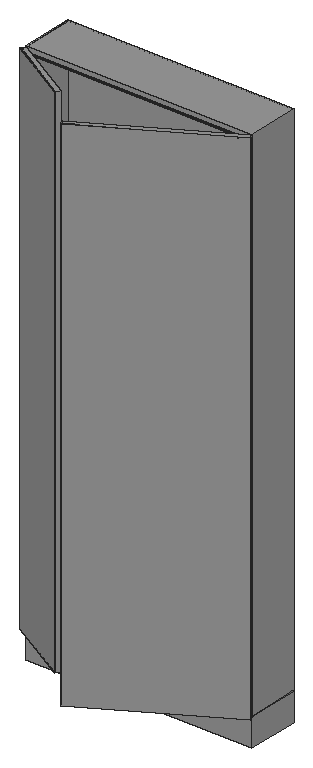
Revit family "Hager-Univers-IP54-D205-H1950-Cl.I-encl-NoHosted-PL-en", category Equipement électrique, Revit 2020
Family settings
  Configuration du panneau = Deux colonnes, circuits au sein
  Cote de connecteur circulaire = Utiliser le diamètre
  Type d'élément = Tableau de raccordement
  Basée sur le plan de construction = Oui
  Toujours verticalement = Oui
  Couper avec des vides une fois chargée = Non
  Partagée = Non
  Point de calcul de pièce = Non
Parameters (values of type "Floor installation IP54 W800 H1950 D205  - FP23TW2")
  Width Control [instance] = if([EF000008 - Width] > Min Width, [EF000008 - Width], Min Width)  # 800 mm
  Commentaires du type = [HG000003 - Range]  # "Univers"
  Thickness Door [instance] = if([EF009171 - Material plate thickness door/cover] > 3 mm, 3 mm, [EF009171 - Material plate thickness door/cover])  # 1 mm
  Seal Frame Offset [instance] = 17 mm  # constant formula
  Plinth Visibility [instance] = [HG000027 - Plinth height] > 0 mm  # yes
  Min Width [instance] = 100 mm  # constant formula
  Min Depth [instance] = (2 * [EF009170 - Material plate thickness cabinet]) + 1 mm  # 3 mm
  Min Height [instance] = 100 mm  # constant formula
  Internal Frame Depth [instance] = (Door System Depth * 0.5)  # 9 mm
  Panel Name [instance] = ""  # (empty or 0)
  Model = ""
  HG000027 - Plinth height = 100 mm
  HG000026 - Floor standing = yes
  HG000024 - Bottom section height = 600 mm
  HG000023 - Double section enclosure = no
  HG000016 - Door 3d visibility [instance] = yes
  HG000015 - Clearance visibility [instance] = no
  HG000014 - Door on the right [instance] = yes
  HG000013 - Door on the left [instance] = not([HG000014 - Door on the right])  # no
  HG000012 - Door swing angle [instance] = 30.00°
  HG000010 - Asymmetric doors = yes
  HG000009 - Double swing door = yes
  HG000006 - Flush mounted = no
  HG000004 - Manufacturer reference = "FP23TW2"
  HG000003 - Range = "Univers"
  HG000002 - With door or cover = yes
  Frame Offset Bottom [instance] = 10 mm  # constant formula
  Frame Offset [instance] = 15 mm  # constant formula
  EF015940 - Cover with overpressure release = no
  EF011959 - Degree of protection (NEMA) = ""
  EF009554 - Number of openings for flange plates = 6
  EF009212 - Cover model = "EV000116 - Closed"
  EF009171 - Material plate thickness door/cover = 1 mm
  EF009170 - Material plate thickness cabinet = 1 mm
  EF008873 - Nominal current (In) = 400 A
  EF007800 - Suitable for lightning protection = no
  EF006306 - With lock = no
  EF006244 - Transparent cover/door = no
  EF005474 - Degree of protection (IP) = "EV006419 - IP54"
  EF004464 - Type of door = "EV002646 - Single"
  EF004427 - Number of modules = 432
  EF004293 - Impact strength = "EV006815 - IK09"
  EF003532 - Suitable for outdoor use = no
  EF002950 - Width in number of modular spacings = 36
  EF001613 - Circuit integrity = "EV000494 - None"
  EF001596 - Material housing = "EV000179 - Steel"
  EF001131 - Internal depth = 205 mm
  EF001088 - Extension possible = yes
  EF000437 - Number of conduit inlets = 6
  EF000339 - Type of cover = "EV001012 - Cover"
  EF000266 - Number of rows = 12
  EF000218 - Built-in depth = 0 mm
  EF000118 - With mounting plate = no
  EF000116 - RAL-number = "9010"
  EF000049 - Depth = 205 mm
  EF000040 - Height = 1950 mm
  EF000008 - Width = 800 mm
  EF000007 - Colour = "EV000202 - White"
  EF000003 - Mounting method = "EV012274 - Floor installation"
  Door System Leaf Tolerance [instance] = 1.5 mm  # constant formula
  Door System Depth [instance] = 18 mm  # constant formula
  Door Height [instance] = Height Control - [HG000027 - Plinth height]  # 1850 mm
  Description = ""
  Default Elevation = 1219.2 mm
  Connector Offset [instance] = Height Control / 2  # 975 mm
  Fabricant = "Hager"  # constant formula
  Height Control [instance] = if([EF000040 - Height] > Min Height, [EF000040 - Height], Min Height)  # 1950 mm
  Depth Control [instance] = if([EF000049 - Depth] > Min Depth, [EF000049 - Depth], Min Depth)  # 205 mm
  Bottom Top Plate Trim [instance] = 1.5 mm  # constant formula
  Plinth height Ctrl [instance] = if([HG000027 - Plinth height] > 0 mm, [HG000027 - Plinth height], 12 mm)  # 100 mm
Types (4, lengths in mm): name | Width Control | HG000010 - Asymmetric doors | HG000009 - Double swing door | HG000004 - Manufacturer reference | EF009554 - Number of openings for flange plates | EF008873 - Nominal current (In) | EF004464 - Type of door | EF004427 - Number of modules | EF002950 - Width in number of modular spacings | EF000437 - Number of conduit inlets | EF000008 - Width
  Floor installation IP54 W1300 H1950 D205  - FP25TW2 | 1300 | yes | yes | "FP25TW2" | 10 | 400 A | "EV003602 - Double" | 720 | 60 | 10 | 1300
  Floor installation IP54 W300 H1950 D205  - FP21TW2 | 300 | no | no | "FP21TW2" | 2 | 250 A | "EV002646 - Single" | 144 | 12 | 2 | 300
  Floor installation IP54 W550 H1950 D205  - FP22TW2 | 550 | no | no | "FP22TW2" | 4 | 400 A | "EV002646 - Single" | 288 | 24 | 4 | 550
  Floor installation IP54 W800 H1950 D205  - FP23TW2 | 800 | yes | yes | "FP23TW2" | 6 | 400 A | "EV002646 - Single" | 432 | 36 | 6 | 800
Reference planes
  plane 1 "Center (Front/Back)": y = 0
  plane 2: z = 0
  plane 3 "Center (Left/Right)": x = 0
  plane 4: y = 0
  plane 5: y = 0
  plane 6: z = 0
  plane 7: x = -400
  plane 8: x = 400
  plane 9: x = 399
  plane 10: x = -399
  plane 11: z = 100
  plane 12: z = 101
  plane 13: y = -205
  plane 14: y = -1
  plane 15: x = 0
  plane 16: y = -187
  plane 17: y = -204
  plane 18: y = -186
  plane 19: x = -384
  plane 20: x = 384
  plane 21: z = 111
  plane 22: x = -383
  plane 23: x = 383
  plane 24: z = 100
  plane 25: z = 1950
  plane 26: z = 1950
  plane 27: z = 1934
  plane 28: z = 1949
Forms (mm)
  Extrusion 1, solid, material "Hager_Steel_RAL7035_Light_Grey", detail levels medium+fine
    sketch origin (-208.679, -4572, 100) x (-1, 0, 0) y (0, -1, 0)
      loop
        line (191.321, -4385) -> (-608.679, -4385) -> (-608.679, -4572) -> (191.321, -4572) -> (191.321, -4385)
    from 0 to 1850
  Extrusion 2, void
    sketch origin (-350.771, -205, 1219.2) x (1, 0, 0) y (0, 0, 1)
      loop
        line (-48.229, 729.8) -> (-48.229, -1118.2) -> (749.771, -1118.2) -> (749.771, 729.8) -> (-48.229, 729.8)
    from -19 to -204
  Extrusion 3, void
    sketch origin (-290.084, -187, 1219.2) x (1, 0, 0) y (0, 0, 1)
      loop
        line (-93.916, -1108.2) -> (674.084, -1108.2) -> (674.084, 714.8) -> (-93.916, 714.8) -> (-93.916, -1108.2)
    from 0 to -1
  Extrusion 4, solid, material "Hager_Steel_RAL7035_Light_Grey", visible <- "Plinth Visibility", detail levels medium+fine
    sketch origin (0, 0, 0) x (1, 0, 0) y (0, 1, 0)
      loop
        line (-400, 0) -> (-400, -187) -> (400, -187) -> (400, 0) -> (-400, 0)
    from 0 to 100 <- "Plinth height Ctrl"
  Extrusion 5, solid, material "Hager_Steel_RAL7035_Light_Grey", detail levels coarse
    sketch origin (0, 0, 0) x (1, 0, 0) y (0, 1, 0)
      loop
        line (-400, 0) -> (-400, -205) -> (400, -205) -> (400, 0) -> (-400, 0)
    from 0 to 1950 <- "Height Control"
  Sweep 6, void
    path in 3D
      loop
        line (-400, -187, 100) -> (400, -187, 100) -> (400, 0, 100) -> (-400, 0, 100) -> (-400, -187, 100)
    profile origin (-400, -93.5, 100) x (1, 0, 0) y (0, 0, 1)
      loop
        line (0, 0) -> (0, -1.5) -> (1.5, -1.5)
        arc (1.5, -1.5) -> (1.061, -0.439) -> (0, 0) r 1.5
  Extrusion 7, solid, material "Hager_Steel_RAL7035_Light_Grey", detail levels fine
    sketch origin (-400, -187, 100) x (1, 0, 0) y (0, 0, 1)
      loop
        line (16, 11) -> (784, 11) -> (784, 1834) -> (16, 1834) -> (16, 11)
      loop
        line (15, 10) -> (785, 10) -> (785, 1835) -> (15, 1835) -> (15, 10)
    from 0 to 9 <- "Internal Frame Depth"
Cuts and joins
  Extrusion 2, Extrusion 3 cuts Extrusion 1
  Sweep 6 cuts Extrusion 4
Lines and regions (mm)
  Masking region 1
    outline origin (0, 0, 0) x (1, 0, 0) y (0, 1, 0)
      loop
        line (-400, 0) -> (-400, -205) -> (400, -205) -> (400, 0) -> (-400, 0)
  Masking region 2, detail levels coarse
    outline origin (-290.084, -187, 1219.2) x (-1, 0, 0) y (0, 0, 1)
      loop
        line (-690.084, -1219.2) -> (109.916, -1219.2) -> (109.916, 730.8) -> (-690.084, 730.8) -> (-690.084, -1219.2)
  Masking region 3, detail levels coarse
    outline origin (0, 0, 0) x (0, 1, 0) y (0, 0, 1)
      loop
        line (0, 0) -> (0, 1950) -> (-205, 1950) -> (-205, 0) -> (0, 0)
  Masking region 4, visible <- "Plinth Visibility", detail levels medium+fine
    outline origin (0, 0, 0) x (0, 1, 0) y (0, 0, 1)
      loop
        line (-1.5, 100) -> (-185.5, 100)
        arc (-185.5, 100) -> (-185.939, 98.939) -> (-187, 98.5) r 1.5
        line (-187, 98.5) -> (-187, 0) -> (0, 0) -> (0, 98.5)
        arc (0, 98.5) -> (-1.061, 98.939) -> (-1.5, 100) r 1.5
  Masking region 5, detail levels medium+fine
    outline origin (0, 0, 594.038) x (0, 1, 0) y (0, 0, 1)
      loop
        line (0, -494.038) -> (0, 1355.962) -> (-187, 1355.962) -> (-187, -494.038) -> (0, -494.038)
  Masking region 6, detail levels medium+fine
    outline origin (-359.7, -187, 1211.883) x (-1, 0, 0) y (0, 0, 1)
      loop
        line (-759.7, -1111.883) -> (40.3, -1111.883) -> (40.3, 738.117) -> (-759.7, 738.117) -> (-759.7, -1111.883)
  Masking region 7, visible <- "Plinth Visibility", detail levels medium+fine
    outline origin (-320.334, -187, 1041.368) x (-1, 0, 0) y (0, 0, 1)
      loop
        line (-720.334, -1041.368) -> (79.666, -1041.368) -> (79.666, -942.868)
        arc (79.666, -942.868) -> (78.606, -942.429) -> (78.166, -941.368) r 1.5
        line (78.166, -941.368) -> (-718.834, -941.368)
        arc (-718.834, -941.368) -> (-719.273, -942.429) -> (-720.334, -942.868) r 1.5
        line (-720.334, -942.868) -> (-720.334, -1041.368)
  sketch lines
    curve 1: line (-400, 0, 100) -> (-400, -187, 100)
    curve 2: line (-400, -187, 100) -> (400, -187, 100)
    curve 3: line (400, 0, 100) -> (-400, 0, 100)
    curve 4: line (400, -187, 100) -> (400, 0, 100)
Dimensions and locks
  locked: plane 1 "Center (Front/Back)" to plane 5
  "EF009170 - Material plate thickness cabinet": plane 7 to plane 10
  "EF009170 - Material plate thickness cabinet": plane 8 to plane 9
  equal spacing: plane 7, plane 3 "Center (Left/Right)", plane 8
  "Width Control": plane 7 to plane 8
  "Depth Control": plane 4 to plane 13
  "EF009170 - Material plate thickness cabinet": plane 4 to plane 14
  "Height Control": plane 25 to level
  "HG000027 - Plinth height": plane 11 to level
  "EF009170 - Material plate thickness cabinet": plane 12 to plane 11
  "EF009170 - Material plate thickness cabinet": plane 17 to plane 13
  "EF009170 - Material plate thickness cabinet": plane 18 to plane 16
  "Frame Offset Bottom": plane 21 to plane 12
  "Frame Offset": plane 10 to plane 19
  "Frame Offset": plane 9 to plane 20
  "Door System Depth": plane 16 to plane 13
  "Seal Frame Offset": plane 7 to plane 22
  "Seal Frame Offset": plane 8 to plane 23
  "EF009170 - Material plate thickness cabinet": plane 26 to plane 28
  "Frame Offset": plane 28 to plane 27
  "Connector Offset": plane 2 to connector elem
  "Bottom Top Plate Trim": profile plane to Sweep 6 sketch curve
  "Bottom Top Plate Trim": Sweep 6 sketch curve to Sweep 6 sketch curve
  "Plinth height Ctrl": Masking region 4 sketch curve to level
  "Plinth height Ctrl": Masking region 7 sketch curve to level
  "Thickness Door": Extrusion 7 sketch curve to Extrusion 7 sketch curve  (x4)
  "Bottom Top Plate Trim": radius of Sweep 6 sketch curve
  "Bottom Top Plate Trim": radius of Masking region 4 sketch curve  (x2)
  "Bottom Top Plate Trim": radius of Masking region 7 sketch curve  (x2)
  aligned and locked: Extrusion 2 sketch curve to plane 12
  aligned and locked: Extrusion 2 sketch curve to plane 9
  aligned and locked: Extrusion 2 sketch curve to plane 10
  aligned and locked: Extrusion 2 to plane 14
  aligned and locked: Extrusion 1 sketch curve to plane 4
  aligned and locked: plane 8 to Extrusion 1 sketch curve
  aligned and locked: plane 7 to Extrusion 1 sketch curve
  aligned and locked: Extrusion 2 to plane 18
  aligned and locked: Extrusion 3 sketch curve to plane 19
  aligned and locked: plane 20 to Extrusion 3 sketch curve
  aligned and locked: Extrusion 3 to Extrusion 2
  aligned and locked: Extrusion 3 sketch curve to plane 21
  aligned and locked: plane 3 "Center (Left/Right)" to nested 1
  aligned and locked: Extrusion 1 sketch curve to plane 16
  aligned and locked: Extrusion 4 sketch curve to cut or joined group of Extrusion 1, Extrusion 2, Extrusion 3
  aligned and locked: Masking region 1 sketch curve to plane 7
  aligned and locked: Masking region 1 sketch curve to plane 5
  aligned and locked: Masking region 1 sketch curve to plane 8
  aligned and locked: Masking region 2 sketch curve to level
  aligned and locked: level to Masking region 3 sketch curve
  aligned and locked: plane 1 "Center (Front/Back)" to Masking region 3 sketch curve
  aligned and locked: plane 13 to Masking region 3 sketch curve
  aligned and locked: plane 5 to Masking region 4 sketch curve
  aligned and locked: Masking region 2 sketch curve to plane 8
  aligned and locked: Masking region 2 sketch curve to plane 7
  aligned and locked: plane 7 to nested 2
  aligned and locked: nested 2 to plane 5
  aligned and locked: plane 5 to Masking region 5 sketch curve
  aligned and locked: plane 26 to Masking region 5 sketch curve
  aligned and locked: Extrusion 5 sketch curve to plane 8
  aligned and locked: Extrusion 5 sketch curve to plane 7
  aligned and locked: Extrusion 5 sketch curve to plane 5
  aligned and locked: Extrusion 3 sketch curve to plane 27
  aligned and locked: Extrusion 2 sketch curve to plane 28
  aligned and locked: Masking region 2 to plane 25
  aligned and locked: Extrusion 4 to plane 16
  aligned and locked: profile plane to Sweep 6 sketch curve
  aligned and locked: Masking region 5 sketch curve to plane 24
  aligned and locked: level to Masking region 4 sketch curve
  aligned and locked: Masking region 1 to plane 13
  aligned and locked: nested 1 to plane 16
  aligned and locked: Masking region 3 to plane 25
  aligned and locked: plane 16 to Masking region 4 sketch curve
  aligned and locked: Masking region 5 sketch curve to plane 16
  aligned and locked: plane 24 to plane 11
  aligned and locked: plane 26 to plane 25
  aligned and locked: plane 26 to cut or joined group of Extrusion 1, Extrusion 2, Extrusion 3
  aligned and locked: nested 1 to plane 24
  aligned and locked: Extrusion 1 to Extrusion 3
  aligned and locked: Masking region 6 sketch curve to plane 8
  aligned and locked: Masking region 6 sketch curve to plane 24
  aligned and locked: Masking region 6 sketch curve to plane 7
  aligned and locked: Masking region 6 sketch curve to plane 26
  aligned and locked: Masking region 7 sketch curve to plane 7
  aligned and locked: level to Masking region 7 sketch curve
  aligned and locked: Masking region 7 sketch curve to plane 8
  aligned and locked: Extrusion 7 sketch curve to cut or joined group of Extrusion 1, Extrusion 2, Extrusion 3  (x4)
Automatic sketch dimensions
  plane 19 to Extrusion 3 sketch curve = 0 mm
  Extrusion 3 sketch curve to plane 20 = 0 mm
  Extrusion 3 sketch curve to plane 21 = 0 mm
  Extrusion 4 sketch curve to plane 7 = 0 mm
  Extrusion 4 sketch curve to plane 8 = 0 mm
  Extrusion 4 sketch curve to plane 16 = 0 mm
  Masking region 1 sketch curve to plane 13 = 0 mm
  Masking region 2 sketch curve to plane 25 = 0 mm
  Masking region 3 sketch curve to plane 25 = 0 mm
  Extrusion 5 sketch curve to plane 13 = 0 mm
  profile plane to Sweep 6 sketch curve = 0 mm
Nested families
  nested 1: "EC000058_Univers_Door" at (0, -187, 100), Double <- "HG000009 - Double swing door", Transparent <- "EF006244 - Transparent cover/door", Angle <- "HG000012 - Door swing angle", Door_Right <- "HG000014 - Door on the right", Assymetrical <- "HG000010 - Asymmetric doors", Door <- "HG000002 - With door or cover", Width_Ctrl <- "Width Control", 3d_Door <- "HG000016 - Door 3d visibility", Clearance <- "HG000015 - Clearance visibility", Door_Left <- "HG000013 - Door on the left", Width <- "Width Control", Door_Depth <- "Door System Depth", Leaf_Tolerance <- "Door System Leaf Tolerance", Height <- "Door Height", Lock_Visibility <- "EF006306 - With lock", Thickness <- "Thickness Door", type "EC000058_Univers_Door", detail levels medium+fine
    with min_wh 3 mm, Width_Ctrl 800 mm, Width 800 mm, Transparent no, Thickness 1 mm, Seal_Material Hager_Rubber, Lock_Visibility no, Lock_Material Hager_Plastic_RAL9005_Jet_Black, Leaf_Width 800 mm, Leaf_Tolerance_External_Sides 0 mm, Leaf_Tolerance 1.5 mm, Leaf_Offset 0 mm, Leaf_Height 1847 mm, Leaf_2_Width 532.583 mm, Leaf_2_Offset 266.292 mm, Leaf_1_Width 265.917 mm, Leaf_1_Offset 132.958 mm, Height_Ctrl 1850 mm, Height 1850 mm, Glass_Material Hager_Glass, Double_Clearance_Ctrl no, Double yes, Door_Right_Ctrl yes, Door_Right yes, Door_Material Hager_Steel_RAL7035_Light_Grey, Door_Left_Ctrl yes, Door_Left no, Door_Depth 18 mm, Door yes, Clearance_Material Hager_Clearance, Clearance_Depth 532.583 mm, Clearance_Ctrl no, Clearance no, Assymetrical yes, Angle 30.00°, 3d_Door yes
  nested 2: "Hager_Enclosure_Symbol" at (-400, 0, 0), Height <- "Depth Control", Width <- "Width Control", type "Hager_Enclosure_Symbol"
    with Width_Ctrl 800 mm, Width 800 mm, Height_Ctrl 205 mm, Height 205 mm, A_Width_Int 13.453 mm, A_Width 161.438 mm, A_Height_Ctrl 179.375 mm, A_Height 179.375 mm
Connectors
  electrical at (0, 0, 975)
    settings: on plane 1 "Center (Front/Back)", index 1, voltage 0 V, apparent load 0 VA, apparent load phase1 0 VA, apparent load phase2 0 VA, apparent load phase3 0 VA, power factor 1, load classification "Other", number of poles 1, system type 30, power factor state 1, is connector primary yes, connector utility no, sub classification motor no, connector description ""
Definition of nested family "EC000058_Univers_Door"
  Parameters (values of type "EC000058_Univers_Door")
    min_wh [instance] = (2 * Thickness) + 1 mm  # 11 mm
    Width_Ctrl [instance] = 400 mm
    Width [instance] = 500 mm
    Transparent [instance] = yes
    Thickness [instance] = 5 mm
    Seal_Material [instance] = none
    Lock_Visibility [instance] = yes
    Lock_Material [instance] = none
    Leaf_Width [instance] = if((Width_Ctrl - 2 * Leaf_Tolerance_External_Sides) > 0 mm, (Width_Ctrl - 2 * Leaf_Tolerance_External_Sides), min_wh)  # 400 mm
    Leaf_Tolerance_External_Sides [instance] = 0 mm  # constant formula
    Leaf_Tolerance [instance] = 1.5 mm
    Leaf_Offset [instance] = 0 mm  # constant formula
    Leaf_Height [instance] = if((Height_Ctrl - 2 * Leaf_Tolerance) > 0 mm, (Height_Ctrl - 2 * Leaf_Tolerance), min_wh)  # 497 mm
    Leaf_2_Width [instance] = if(and(and(Double, Assymetrical), Door_Left), (Leaf_Width / 3) - (Leaf_Tolerance / 2), if(and(and(Double, Assymetrical), Door_Right), (Leaf_Width / 3) * 2 - (Leaf_Tolerance / 2), if(and(Double, not(Assymetrical)), (Leaf_Width / 2) - Leaf_Tolerance, Leaf_Width)))  # 400 mm
    Leaf_2_Offset [instance] = if(and(Double, Assymetrical), Leaf_2_Width / 2, if(and(Double, not(Assymetrical)), Leaf_Width / 4, Leaf_Width / 2))  # 200 mm
    Leaf_1_Width [instance] = if(and(and(Double, Assymetrical), Door_Right), (Leaf_Width / 3) - (Leaf_Tolerance / 2), if(and(and(Double, Assymetrical), Door_Left), (Width / 3) * 2 - (Leaf_Tolerance / 2), if(and(Double, not(Assymetrical)), (Leaf_Width / 2) - Leaf_Tolerance, Leaf_Width)))  # 400 mm
    Leaf_1_Offset [instance] = if(and(Double, Assymetrical), Leaf_1_Width / 2, if(and(Double, not(Assymetrical)), Leaf_Width / 4, Leaf_Width / 2))  # 200 mm
    Height_Ctrl [instance] = if(Height > min_wh, Height, min_wh)  # 500 mm
    Height [instance] = 500 mm
    Glass_Material [instance] = none
    Double_Clearance_Ctrl [instance] = and(Double, Clearance)  # no
    Double [instance] = no
    Door_Right_Ctrl [instance] = and(or(Door_Right, Double), Door)  # yes
    Door_Right [instance] = yes
    Door_Material [instance] = none
    Door_Left_Ctrl [instance] = and(or(Door_Left, Double), Door)  # no
    Door_Left [instance] = no
    Door_Depth [instance] = 30 mm
    Door [instance] = yes
    Default Elevation = 1219.2 mm
    Clearance_Material [instance] = none
    Clearance_Depth [instance] = if(Leaf_1_Width > Leaf_2_Width, Leaf_1_Width, Leaf_2_Width)  # 400 mm
    Clearance_Ctrl [instance] = and(not(Double), Clearance)  # yes
    Clearance [instance] = yes
    Assymetrical [instance] = yes
    Angle [instance] = 30.00°
    3d_Door [instance] = yes
  Reference planes
    plane 1 "Center (Front/Back)": y = 0
    plane 2 "Bottom": z = 0
    plane 3 "Center (Left/Right)": x = 0
    plane 4: z = 500
    plane 5: x = -200
    plane 6: x = 200
    plane 7: z = 500
    plane 8: x = -200
    plane 9: z = 0
    plane 10: x = 200
    plane 11: y = 0
    plane 12: z = 1.5
    plane 13: x = -600
    plane 14: y = -400
    plane 15: x = 600
    plane 16: x = 0
    plane 17: x = 0
    plane 18: x = -200
    plane 19: x = 200
    plane 20: z = 498.5
  Forms (mm)
    Extrusion 1, solid, material <- "Clearance_Material", visible <- "Double_Clearance_Ctrl"
      sketch origin (1200, 0, 0) x (1, 0, 0) y (0, 0, -1)
        loop
          line (-1800, -498.5) -> (-600, -498.5) -> (-600, 0) -> (-1800, 0) -> (-1800, -498.5)
      from 0 to -400
  Dimensions and locks
    equal spacing: plane 5, plane 3 "Center (Left/Right)", plane 6
    "Width_Ctrl": plane 5 to plane 6
    "Leaf_Offset": plane 5 to plane 8
    "Leaf_Offset": plane 6 to plane 10
    "Leaf_Offset": plane 9 to level
    "Leaf_Offset": plane 4 to plane 7
    "Height_Ctrl": plane 4 to level
    "Leaf_Tolerance": plane 12 to plane 9
    locked: plane 11 to plane 1 "Center (Front/Back)"
    "Leaf_1_Offset": plane 18 to plane 16
    "Leaf_2_Offset": plane 17 to plane 19
    "Leaf_1_Width": plane 13 to plane 8
    "Leaf_2_Width": plane 10 to plane 15
    "Clearance_Depth": plane 14 to plane 1 "Center (Front/Back)"
    "Leaf_Tolerance_External_Sides": plane 8 to plane 18
    "Leaf_Tolerance_External_Sides": plane 19 to plane 10
    "Leaf_Tolerance": plane 7 to plane 20
    aligned and locked: level to plane 2 "Bottom"
    aligned and locked: nested 1 to plane 16
    aligned and locked: nested 2 to plane 17
    aligned and locked: Extrusion 1 to plane 13
    aligned and locked: plane 15 to Extrusion 1
    aligned and locked: Extrusion 1 to plane 14
    aligned and locked: plane 12 to nested 1
    aligned and locked: nested 2 to plane 12
    aligned and locked: Extrusion 1 to plane 11
    aligned and locked: plane 20 to Extrusion 1
    aligned and locked: nested 2 to plane 11
    aligned and locked: nested 1 to plane 11
  Automatic sketch dimensions
    Extrusion 1 sketch curve to level = 0 mm
    plane 5 to Extrusion 1 sketch curve = 400 mm
    plane 6 to Extrusion 1 sketch curve = 400 mm
    Extrusion 1 sketch curve to plane 4 = 1.5 mm
  Nested families
    nested 1: "EC000058_Univers_Door_Leaf" at (0, 0, 1.5), Width <- "Leaf_1_Width", visible <- "Door_Left_Ctrl", Leaf_Height <- "Leaf_Height", Angle <- "Angle", 3d_Door <- "3d_Door", Transparent <- "Transparent", Clearance Material <- "Clearance_Material", Clearance <- "Clearance_Ctrl", Door_Material <- "Door_Material", Glass_Material <- "Glass_Material", Door_Depth <- "Door_Depth", Lock_Material <- "Lock_Material", Seal_Material <- "Seal_Material", Lock_Visibility <- "Lock_Visibility", Thickness <- "Thickness", type "EC000058_Univers_Door_Leaf"
      with Width 400 mm, Transparent_Glass_Offset 30 mm, Transparent_Ctrl yes, Transparent yes, Thickness 5 mm, Standard no, Seal_Material none, Seal_D2 8 mm, Seal_D1 1 mm, Offset_Internal_Frame 10 mm, Lock_Width 20 mm, Lock_Visibility_3d yes, Lock_Visibility yes, Lock_Thickness_3 3 mm, Lock_Thickness_2 1 mm, Lock_Thickness_1 3 mm, Lock_Radius_Offset_2 16 mm, Lock_Radius_Offset_1 15 mm, Lock_Radius_2 5 mm, Lock_Radius 6 mm, Lock_Offset 5 mm, Lock_Material none, Lock_Height 80 mm, Lock_Cover_Top_Offset_2d 17 mm, Lock_Cover_Height -65 mm, Leaf_Height 497 mm, Internal_Seal_Thickness 8 mm, Internal_Seal_Depth_2 4.5 mm, Internal_Frame_Depth 25 mm, Glass_Thickness -1 mm, Glass_Offset -2 mm, Glass_Material none, Door_Material none, Door_Depth 30 mm, Clearance Material none, Clearance yes, Angle_Ctrl 30.00°, Angle 30.00°, 3d_Door yes
    nested 2: "EC000058_Univers_Door_Leaf" at (0, 0, 1.5) x (-1, 0, 0) z (0, 0, 1), Width <- "Leaf_2_Width", visible <- "Door_Right_Ctrl", Leaf_Height <- "Leaf_Height", Angle <- "Angle", 3d_Door <- "3d_Door", Transparent <- "Transparent", Clearance Material <- "Clearance_Material", Clearance <- "Clearance_Ctrl", Door_Material <- "Door_Material", Glass_Material <- "Glass_Material", Door_Depth <- "Door_Depth", Lock_Material <- "Lock_Material", Seal_Material <- "Seal_Material", Lock_Visibility <- "Lock_Visibility", Thickness <- "Thickness", type "EC000058_Univers_Door_Leaf"
      with Width 400 mm, Transparent_Glass_Offset 30 mm, Transparent_Ctrl yes, Transparent yes, Thickness 5 mm, Standard no, Seal_Material none, Seal_D2 8 mm, Seal_D1 1 mm, Offset_Internal_Frame 10 mm, Lock_Width 20 mm, Lock_Visibility_3d yes, Lock_Visibility yes, Lock_Thickness_3 3 mm, Lock_Thickness_2 1 mm, Lock_Thickness_1 3 mm, Lock_Radius_Offset_2 16 mm, Lock_Radius_Offset_1 15 mm, Lock_Radius_2 5 mm, Lock_Radius 6 mm, Lock_Offset 5 mm, Lock_Material none, Lock_Height 80 mm, Lock_Cover_Top_Offset_2d 17 mm, Lock_Cover_Height -65 mm, Leaf_Height 497 mm, Internal_Seal_Thickness 8 mm, Internal_Seal_Depth_2 4.5 mm, Internal_Frame_Depth 25 mm, Glass_Thickness -1 mm, Glass_Offset -2 mm, Glass_Material none, Door_Material none, Door_Depth 30 mm, Clearance Material none, Clearance yes, Angle_Ctrl 30.00°, Angle 30.00°, 3d_Door yes
  Definition of nested family "EC000058_Univers_Door_Leaf"
    Parameters (values of type "EC000058_Univers_Door_Leaf")
      Width [instance] = 2000 mm
      Transparent_Glass_Offset [instance] = 30 mm
      Transparent_Ctrl [instance] = and(Transparent, [3d_Door])  # yes
      Transparent [instance] = yes
      Thickness [instance] = 5 mm
      Standard [instance] = and(not(Transparent), [3d_Door])  # no
      Seal_Material [instance] = none
      Seal_D2 [instance] = 8 mm  # constant formula
      Seal_D1 [instance] = 1 mm  # constant formula
      Offset_Internal_Frame [instance] = 10 mm  # constant formula
      Lock_Width [instance] = 20 mm  # constant formula
      Lock_Visibility_3d [instance] = and(Lock_Visibility, [3d_Door])  # yes
      Lock_Visibility [instance] = yes
      Lock_Thickness_3 [instance] = 3 mm  # constant formula
      Lock_Thickness_2 [instance] = 1 mm  # constant formula
      Lock_Thickness_1 [instance] = 3 mm  # constant formula
      Lock_Radius_Offset_2 [instance] = Lock_Radius_Offset_1 + 1 mm  # 16 mm
      Lock_Radius_Offset_1 [instance] = 15 mm  # constant formula
      Lock_Radius_2 [instance] = Lock_Radius - 1 mm  # 5 mm
      Lock_Radius [instance] = 6 mm  # constant formula
      Lock_Offset [instance] = 5 mm  # constant formula
      Lock_Material [instance] = none
      Lock_Height [instance] = 80 mm  # constant formula
      Lock_Cover_Top_Offset_2d [instance] = Lock_Radius_Offset_2 + 1 mm  # 17 mm
      Lock_Cover_Height [instance] = -(Lock_Height - Lock_Radius_Offset_1)  # -65 mm
      Leaf_Height [instance] = 2720.336 mm
      Internal_Seal_Thickness [instance] = 8 mm  # constant formula
      Internal_Seal_Depth_2 [instance] = 4.5 mm  # constant formula
      Internal_Frame_Depth [instance] = if(Door_Depth - Thickness > 5 mm, Door_Depth - Thickness, 5 mm)  # 25 mm
      Glass_Thickness [instance] = if(Thickness > 15 mm, Glass_Offset + 10 mm, -1 mm)  # -1 mm
      Glass_Offset [instance] = if(Thickness > 15 mm, -(Thickness + 10 mm) / 2, -2 mm)  # -2 mm
      Glass_Material [instance] = none
      Door_Material [instance] = none
      Door_Depth [instance] = 30 mm
      Default Elevation = 0 mm
      Clearance Material [instance] = none
      Clearance [instance] = yes
      Angle_Ctrl [instance] = if(Angle > 180.00°, 180.00°, Angle)  # 90.00°
      Angle [instance] = 90.00°
      3d_Door [instance] = yes
    Reference planes
      plane 1 "Center (Front/Back)": y = 0
      plane 2: z = 0
      plane 3 "Center (Left/Right)": x = 0
      plane 4: y = 2000
      plane 5: x = -1000
      plane 6: x = 1000
      plane 7: x = -3000
      plane 8: z = 2720.336
      plane 9: z = 30
      plane 10: z = 2690.336
      plane 11: x = 970
      plane 12: x = -970
      plane 13: y = -3
      plane 14: z = 107.833
      plane 15: y = -5
      plane 16: y = -223.314
      plane 17: x = -1000
      plane 18: z = 1360.168
      plane 19: y = 30
    Forms (mm)
      Extrusion 1, solid, material <- "Clearance Material", visible <- "Clearance"
        sketch origin (0, 0, 0) x (1, 0, 0) y (0, 0, 1)
          loop
            line (-3000, 2720.336) -> (-3000, 0) -> (1000, 0) -> (1000, 2720.336) -> (-3000, 2720.336)
        from 0 to -2000
      Extrusion 2, solid, material <- "Door_Material", visible <- "Standard", detail levels medium+fine
        sketch origin (-1000, 0, 0) x (0, 1, 0) y (-1, 0, 0)
          loop
            line (0, 30) -> (0, 25) -> (2000, 25) -> (2000, 30) -> (0, 30)
        from 0 to 2720.336 <- "Leaf_Height"
      Extrusion 3, solid, material <- "Door_Material", visible <- "Transparent_Ctrl", detail levels medium+fine
        sketch origin (-1000, 0, 0) x (0, 1, 0) y (-1, 0, 0)
          loop
            line (0, 25) -> (2000, 25) -> (2000, 30) -> (0, 30) -> (0, 25)
        from 0 to 2720.336 <- "Leaf_Height"
      Extrusion 4, void
        sketch origin (-1025, 2000, 0) x (0, 1, 0) y (0, 0, -1)
          loop
            line (-30, -2690.336) -> (-30, -30) -> (-1970, -30) -> (-1970, -2690.336) -> (-30, -2690.336)
        from 0 to 5 <- "Thickness"
      Sweep 5, solid, material <- "Seal_Material", visible <- "Transparent_Ctrl", detail levels fine
        path in 3D
          loop
            line (-1025, 30, 30) -> (-1025, 30, 2690.336) -> (-1025, 1970, 2690.336) -> (-1025, 1970, 30) -> (-1025, 30, 30)
        profile origin (-1025, 1000, 30) x (1, 0, 0) y (0, 0, 1)
          loop
            line (0, 0) -> (0, -8) -> (1, -8) -> (1, 0) -> (0, 0)
      Extrusion 6, solid, material <- "Glass_Material", visible <- "Transparent_Ctrl", detail levels medium+fine
        sketch origin (-1030, 0, 0) x (0, 1, 0) y (0, 0, -1)
          loop
            line (1970, -2690.336) -> (1970, -30) -> (30, -30) -> (30, -2690.336) -> (1970, -2690.336)
        from -2 <- "Glass_Offset" to -1 <- "Glass_Thickness"
      Extrusion 7, solid, material <- "Door_Material", visible <- "3d_Door", detail levels medium+fine
        sketch origin (-1025, 2000, 0) x (0, -1, 0) y (0, 0, -1)
          loop
            line (0, -2720.336) -> (2000, -2720.336) -> (2000, 0) -> (0, 0) -> (0, -2720.336)
          loop
            line (1995, -5) -> (5, -5) -> (5, -2715.336) -> (1995, -2715.336) -> (1995, -5)
        from 0 to 25 <- "Internal_Frame_Depth"
      Sweep 8, solid, material <- "Seal_Material", visible <- "Transparent_Ctrl", detail levels fine
        path in 3D
          loop
            line (-1025, 0, 0) -> (-1025, 2000, 0) -> (-1025, 2000, 2720.336) -> (-1025, 0, 2720.336) -> (-1025, 0, 0)
        profile origin (-1025, 0, 1360.168) x (1, 0, 0) y (0, 1, 0)
          loop
            line (0, 10) -> (2.975, 10)
            arc (2.975, 10) -> (4.053, 10.447) -> (4.5, 11.525) r 1.525
            line (4.5, 11.525) -> (4.5, 16.527)
            arc (4.5, 16.527) -> (4.069, 17.569) -> (3.027, 18) r 1.473
            line (3.027, 18) -> (0, 18) -> (0, 10)
      Extrusion 9, solid, material <- "Lock_Material", visible <- "Lock_Visibility_3d", detail levels fine
        sketch origin (-1030, 0, 0) x (0, 1, 0) y (0, 0, -1)
          loop
            arc (1993.5, -1400.168) -> (1994.561, -1399.729) -> (1995, -1398.668) r 1.5
            line (1995, -1398.668) -> (1995, -1320.168) -> (1975, -1320.168) -> (1975, -1398.668)
            arc (1975, -1398.668) -> (1975.439, -1399.729) -> (1976.5, -1400.168) r 1.5
            line (1976.5, -1400.168) -> (1993.5, -1400.168)
        from 3 <- "Lock_Thickness_1" to 0
      Blend 10, solid, material <- "Lock_Material", visible <- "Lock_Visibility_3d", detail levels fine
        base sketch origin (-1033, 0, 0) x (0, 1, 0) y (0, 0, -1)
          loop
            line (1975, -1320.168) -> (1975, -1398.668)
            arc (1975, -1398.668) -> (1975.439, -1399.729) -> (1976.5, -1400.168) r 1.5
            line (1976.5, -1400.168) -> (1993.5, -1400.168)
            arc (1993.5, -1400.168) -> (1994.561, -1399.729) -> (1995, -1398.668) r 1.5
            line (1995, -1398.668) -> (1995, -1320.168) -> (1975, -1320.168)
        top sketch origin (-1033, 0, 0) x (0, 1, 0) y (0, 0, -1)
          loop
            line (1976, -1320.168) -> (1976, -1398.668)
            arc (1976, -1398.668) -> (1976.146, -1399.022) -> (1976.5, -1399.168) r 0.5
            line (1976.5, -1399.168) -> (1993.5, -1399.168)
            arc (1993.5, -1399.168) -> (1993.854, -1399.022) -> (1994, -1398.668) r 0.5
            line (1994, -1398.668) -> (1994, -1320.168) -> (1976, -1320.168)
        from 0 to 1 <- "Lock_Thickness_2"
      Blend 11, solid, material <- "Lock_Material", visible <- "Lock_Visibility_3d", detail levels fine
        base sketch origin (-1034, 0, 0) x (0, 1, 0) y (0, 0, -1)
          loop
            line (1978, -1320.168) -> (1978, -1384.168)
            arc (1978, -1384.168) -> (1985, -1391.168) -> (1992, -1384.168) r 7
            line (1992, -1384.168) -> (1992, -1320.168) -> (1978, -1320.168)
        top sketch origin (-1034, 0, 0) x (0, 1, 0) y (0, 0, -1)
          loop
            line (1991, -1320.168) -> (1979, -1320.168) -> (1979, -1383.168)
            arc (1979, -1383.168) -> (1985, -1389.168) -> (1991, -1383.168) r 6
            line (1991, -1383.168) -> (1991, -1320.168)
        from 0 to 3 <- "Lock_Thickness_3"
      Extrusion 12, solid, material <- "Lock_Material", visible <- "Lock_Visibility_3d", detail levels fine
        sketch origin (-1030, 1975, 1320.168) x (1, 0, 0) y (0, -1, 0)
          loop
            line (-7, -19) -> (-7, -1) -> (0, -1) -> (0, 0) -> (-8, 0) -> (-8, -20) -> (0, -20) -> (0, -19) -> (-7, -19)
        from 0 to -65 <- "Lock_Cover_Height"
      Extrusion 13, void
        sketch origin (-1038, 1995, 1320.168) x (-1, 0, 0) y (0, 0, -1)
          loop
            line (-5, -65) -> (0, -65) -> (-5, -60) -> (-5, -65)
        from 0 to 20 <- "Lock_Width"
      Extrusion 14, void
        sketch origin (-1038, 1975, 1320.168) x (0, -1, 0) y (0, 0, -1)
          loop
            circle (-10, -15.995) r 6
          loop
            circle (-10, -15.995) r 5
        from 0 to 2
      Extrusion 15, solid, material <- "Lock_Material", visible <- "Lock_Visibility_3d", detail levels medium
        sketch origin (-1030, 0, 0) x (0, 1, 0) y (0, 0, -1)
          loop
            arc (1993.5, -1400.168) -> (1994.561, -1399.729) -> (1995, -1398.668) r 1.5
            line (1995, -1398.668) -> (1995, -1320.168) -> (1975, -1320.168) -> (1975, -1398.668)
            arc (1975, -1398.668) -> (1975.439, -1399.729) -> (1976.5, -1400.168) r 1.5
            line (1976.5, -1400.168) -> (1993.5, -1400.168)
        from 8 to 0
    Cuts and joins
      Extrusion 4 cuts Extrusion 3
      Extrusion 13, Extrusion 14 cuts Extrusion 9
      Extrusion 14 cuts Blend 11
      Extrusion 13, Extrusion 14 cuts Extrusion 12
      joined: Extrusion 9, Blend 10, Blend 11, Extrusion 12
      Extrusion 14 cuts Extrusion 15
    Lines and regions (mm)
      Masking region 1, visible <- "Lock_Visibility", detail levels fine
        outline origin (0, 0, 0) x (0, 1, 0) y (0, 0, 1)
          loop
            line (30, 1320.168) -> (33, 1320.168) -> (33, 1400.168) -> (30, 1400.168) -> (30, 1320.168)
      Masking region 2, visible <- "Lock_Visibility", detail levels fine
        outline origin (0, 3.143, 0) x (0, 1, 0) y (0, 0, 1)
          loop
            line (29.857, 1354.168) -> (30.857, 1354.168) -> (30.857, 1366.168) -> (29.857, 1366.168) -> (29.857, 1354.168)
      Masking region 3, detail levels medium+fine
        outline origin (0, 0, 0) x (0, 1, 0) y (0, 0, 1)
          loop
            line (0, 0) -> (30, 0) -> (30, 2720.336) -> (0, 2720.336) -> (0, 0)
      Masking region 4, detail levels medium+fine
        outline origin (0, 0, 0) x (1, 0, 0) y (0, 0, 1)
          loop
            line (-1000, 2720.336) -> (-1000, 0) -> (1000, 0) -> (1000, 2720.336) -> (-1000, 2720.336)
      Masking region 5, visible <- "Lock_Visibility", detail levels fine
        outline origin (-47.116, 0, 0) x (1, 0, 0) y (0, 0, 1)
          loop
            arc (1024.616, 1399.168) -> (1023.556, 1398.729) -> (1023.116, 1397.668) r 1.5
            line (1023.116, 1397.668) -> (1023.116, 1320.168) -> (1041.116, 1320.168) -> (1041.116, 1397.668)
            arc (1041.116, 1397.668) -> (1040.677, 1398.729) -> (1039.616, 1399.168) r 1.5
            line (1039.616, 1399.168) -> (1024.616, 1399.168)
      Masking region 6, visible <- "Lock_Visibility", detail levels medium+fine
        outline origin (-25, 0, 0) x (1, 0, 0) y (0, 0, 1)
          loop
            arc (1001.5, 1400.168) -> (1000.439, 1399.729) -> (1000, 1398.668) r 1.5
            line (1000, 1398.668) -> (1000, 1320.168) -> (1020, 1320.168) -> (1020, 1398.668)
            arc (1020, 1398.668) -> (1019.561, 1399.729) -> (1018.5, 1400.168) r 1.5
            line (1018.5, 1400.168) -> (1001.5, 1400.168)
      Masking region 7, visible <- "Lock_Visibility", detail levels fine
        outline origin (-73.735, 0, 0) x (1, 0, 0) y (0, 0, 1)
          loop
            line (1051.735, 1382.168) -> (1065.735, 1382.168) -> (1065.735, 1384.168)
            arc (1065.735, 1384.168) -> (1058.735, 1391.168) -> (1051.735, 1384.168) r 7
            line (1051.735, 1384.168) -> (1051.735, 1382.168)
      Masking region 8, visible <- "Lock_Visibility", detail levels fine
        outline origin (-73.735, 0, 0) x (1, 0, 0) y (0, 0, 1)
          loop
            line (1052.735, 1382.168) -> (1064.735, 1382.168) -> (1064.735, 1383.168)
            arc (1064.735, 1383.168) -> (1058.735, 1389.168) -> (1052.735, 1383.168) r 6
            line (1052.735, 1383.168) -> (1052.735, 1382.168)
      Masking region 9, visible <- "Lock_Visibility", detail levels fine
        outline origin (-25, 0, 0) x (1, 0, 0) y (0, 0, 1)
          loop
            line (1020, 1320.168) -> (1020, 1382.168) -> (1000, 1382.168) -> (1000, 1320.168) -> (1020, 1320.168)
      Masking region 10, detail levels medium+fine
        outline origin (0, 0, 0) x (1, 0, 0) y (0, 0, 1)
          loop
            circle (985, 1335.144) r 6
      Masking region 11, detail levels fine
        outline origin (0, 0, 0) x (1, 0, 0) y (0, 0, 1)
          loop
            circle (985, 1335.144) r 5
      Masking region 12, visible <- "Lock_Visibility", detail levels fine
        outline origin (0, 12.767, 0) x (0, 1, 0) y (0, 0, 1)
          loop
            line (20.233, 1320.168) -> (21.233, 1320.168) -> (21.233, 1399.168) -> (20.233, 1400.168) -> (20.233, 1320.168)
      Masking region 13, visible <- "Lock_Visibility", detail levels fine
        outline origin (0, 13.767, -10) x (0, 1, 0) y (0, 0, 1)
          loop
            line (20.233, 1330.168) -> (23.233, 1330.168) -> (23.233, 1399.168) -> (20.233, 1402.168) -> (20.233, 1330.168)
      Masking region 14, visible <- "Lock_Visibility", detail levels fine
        outline origin (0, 12.767, -10) x (0, 1, 0) y (0, 0, 1)
          loop
            line (20.233, 1330.168) -> (25.233, 1330.168) -> (25.233, 1399.305) -> (20.233, 1394.305) -> (20.233, 1330.168)
      Masking region 15, visible <- "Lock_Visibility", detail levels medium
        outline origin (0, 0, 0) x (0, 1, 0) y (0, 0, 1)
          loop
            line (30, 1320.168) -> (38, 1320.168) -> (38, 1400.168) -> (30, 1400.168) -> (30, 1320.168)
      Masking region 16, visible <- "Lock_Visibility", detail levels fine
        outline origin (-1000, 0, 0) x (0, 1, 0) y (-1, 0, 0)
          loop
            line (1975, 30) -> (1995, 30) -> (1995, 38) -> (1975, 38) -> (1975, 30)
          loop
            line (1979, 37) -> (1976, 37) -> (1976, 34) -> (1978, 34) -> (1979, 37)
          loop
            line (1994, 37) -> (1991, 37) -> (1992, 34) -> (1994, 34) -> (1994, 37)
      Masking region 17, visible <- "Lock_Visibility", detail levels medium
        outline origin (-1000, 0, 0) x (0, 1, 0) y (-1, 0, 0)
          loop
            line (1975, 30) -> (1995, 30) -> (1995, 38) -> (1975, 38) -> (1975, 30)
      symbolic lines
        curve 1: line (1000, 0, 0) -> (-3000, 0, 0)
        curve 2: arc (1000, 0, 0) -> (-1000, 2000, 0) -> (-3000, 0, 0) r 2000
        curve 4: line (-1030, 0, 0) -> (-1030, 2000, 0)
      reference lines
        curve 3: line (-1000, 0, 0) -> (-1000, 2000, 0)
      symbolic lines, detail levels medium+fine
        curve 5: line (-1030, 2000, 0) -> (-1025, 2000, 0)
        curve 7: line (-1025, 0, 0) -> (-1030, 0, 0)
        curve 8: line (-1025, 0, 0) -> (-1000, 0, 0)
        curve 9: line (-1000, 0, 0) -> (-1000, 2000, 0)
        curve 10: line (-1000, 2000, 0) -> (-1025, 2000, 0)
      symbolic lines, detail levels fine
        curve 6: line (-1025, 2000, 0) -> (-1025, 0, 0)
      sketch lines
        curve 11: line (-1025, 0, 2720.336) -> (-1025, 0, 0)
        curve 12: line (-1025, 2000, 0) -> (-1025, 0, 0)
        curve 13: line (-1025, 2000, 2720.336) -> (-1025, 2000, 0)
        curve 14: line (-1025, 0, 2720.336) -> (-1025, 2000, 2720.336)
        curve 15: line (-1025, 1970, 30) -> (-1025, 30, 30)
        curve 16: line (-1025, 30, 30) -> (-1025, 30, 2690.336)
        curve 17: line (-1025, 1970, 2690.336) -> (-1025, 1970, 30)
        curve 18: line (-1025, 30, 2690.336) -> (-1025, 1970, 2690.336)
      symbolic lines, visible <- "Transparent", detail levels medium+fine
        curve 19: line (-970, 0, 2690.336) -> (970, 0, 2690.336)
        curve 20: line (-970, 0, 30) -> (-970, 0, 2690.336)
        curve 21: line (970, 0, 30) -> (-970, 0, 30)
        curve 22: line (970, 0, 2690.336) -> (970, 0, 30)
    Dimensions and locks
      "Width": plane 1 "Center (Front/Back)" to plane 4
      equal spacing: plane 5, plane 3 "Center (Left/Right)", plane 6
      "Width": plane 5 to plane 6
      "Width": plane 7 to plane 5
      "Leaf_Height": plane 8 to level
      "Width": curve 5 to curve 3
      "Width": curve 3 to curve 3
      plane 8 to plane 10 = 30 mm
      plane 9 to level = 30 mm
      plane 12 to plane 5 = 30 mm
      plane 6 to plane 11 = 30 mm
      Extrusion 1 to Extrusion 4 sketch curve = 30 mm
      "Transparent_Glass_Offset": curve 3 to Extrusion 4 sketch curve
      "Transparent_Glass_Offset": Extrusion 4 sketch curve to cut or joined group of Extrusion 3, Extrusion 4  (x2)
      cut or joined group of Extrusion 3, Extrusion 4 to Extrusion 6 sketch curve = 30 mm
      "Transparent_Glass_Offset": cut or joined group of Extrusion 3, Extrusion 4 to Extrusion 4 sketch curve
      "Thickness": curve 6 to curve 4
      "Thickness": Extrusion 7 sketch curve to Extrusion 7 sketch curve  (x4)
      "Door_Depth": curve 4 to curve 3
      "Offset_Internal_Frame": profile plane to Sweep 8 sketch curve
      "Internal_Seal_Thickness": Sweep 8 sketch curve to Sweep 8 sketch curve
      "Internal_Seal_Depth_2": profile plane to Sweep 8 sketch curve
      "Seal_D1": profile plane to Sweep 5 sketch curve
      "Seal_D2": profile plane to Sweep 5 sketch curve
      "Thickness": Extrusion 2 sketch curve to Extrusion 2 sketch curve
      equal spacing: Extrusion 9 sketch curve, plane 18, Extrusion 9 sketch curve  (x2)
      equal spacing: Masking region 1 sketch curve, plane 18, Masking region 1 sketch curve
      "Lock_Height": Masking region 1 sketch curve to Masking region 1 sketch curve
      "Lock_Radius": Masking region 2 sketch curve to plane 18 to Masking region 2 sketch curve
      Masking region 2 sketch curve to Masking region 1 = 1 mm
      "Door_Depth": plane 19 to plane 1 "Center (Front/Back)"
      "Lock_Thickness_1": Masking region 1 sketch curve to plane 19
      "Lock_Width": Extrusion 9 sketch curve to Extrusion 9 sketch curve
      "Lock_Height": Extrusion 9 sketch curve to Extrusion 9 sketch curve
      "Lock_Offset": cut or joined group of Extrusion 3, Extrusion 4 to Extrusion 9 sketch curve
      equal spacing: plane 8, plane 18, level
      "Lock_Radius_Offset_1": Blend 11 sketch curve to Blend 10
      locked: Blend 10 to Blend 11 sketch curve at 2  (x2)
      locked: var sketch to Blend 11 sketch curve at 1  (x2)
      "Lock_Radius_Offset_2": Blend 11 sketch curve to Blend 10
      locked: Extrusion 12 sketch curve to Extrusion 12 sketch curve at 1  (x3)
      Masking region 6 sketch curve to Masking region 6 sketch curve = 80 mm
      "Lock_Height": Masking region 6 sketch curve to Masking region 6 sketch curve
      "Lock_Width": Masking region 6 sketch curve to Masking region 6 sketch curve
      locked: Masking region 6 to Masking region 5 sketch curve at 1  (x3)
      locked: Masking region 5 to Masking region 7 sketch curve at 2  (x2)
      "Lock_Radius_Offset_1": Masking region 5 to Masking region 7 sketch curve
      "Lock_Radius_Offset_2": Masking region 5 to Masking region 8 sketch curve
      locked: Masking region 7 to Masking region 8 sketch curve at 1  (x2)
      "Lock_Cover_Top_Offset_2d": Masking region 5 to Masking region 9 sketch curve
      equal spacing: Masking region 9, Masking region 10 sketch curve, Masking region 9
      equal spacing: Masking region 9, Masking region 11 sketch curve, Masking region 9
      Extrusion 15 sketch curve to Extrusion 15 sketch curve = 80 mm
      "Lock_Width": Extrusion 15 sketch curve to Extrusion 15 sketch curve
      "Lock_Height": Extrusion 15 sketch curve to Extrusion 15 sketch curve
      equal spacing: Extrusion 15 sketch curve, plane 18, Extrusion 15 sketch curve
      "Lock_Thickness_3": Masking region 13 sketch curve to Masking region 13 sketch curve
      "Lock_Height": Masking region 12 sketch curve to Masking region 12 sketch curve
      locked: Masking region 13 sketch curve to Masking region 1 at 8
      locked: Masking region 14 sketch curve to Masking region 13 at 1
      locked: Masking region 14 sketch curve to Masking region 1 at 10.863
      "Lock_Height": Masking region 15 sketch curve to Masking region 15 sketch curve
      "Lock_Offset": Extrusion 15 sketch curve to cut or joined group of Extrusion 3, Extrusion 4
      "Lock_Offset": plane 6 to Masking region 6 sketch curve
      radius of Sweep 8 sketch curve = 1.525 mm
      radius of Sweep 8 sketch curve = 1.473 mm
      radius of Extrusion 9 sketch curve = 1.5 mm  (x2)
      "Lock_Radius": radius of Extrusion 14 sketch curve
      "Lock_Radius_2": radius of Extrusion 14 sketch curve
      "Lock_Radius": radius of Masking region 10 sketch curve
      "Lock_Radius_2": radius of Masking region 11 sketch curve
      radius of Extrusion 15 sketch curve = 1.5 mm  (x2)
      "Angle_Ctrl": angle plane 1 "Center (Front/Back)" to curve 3
      locked: Masking region 12 sketch curve to Masking region 12 sketch curve (angle 45.00°)
      locked: Masking region 13 sketch curve to Masking region 13 sketch curve (angle 45.00°)
      locked: Masking region 14 sketch curve to Masking region 14 sketch curve (angle 45.00°)
      aligned and locked: level to plane 2
      aligned and locked: Extrusion 1 to curve 1
      aligned and locked: plane 6 to Extrusion 1
      aligned and locked: Extrusion 1 to plane 1 "Center (Front/Back)"
      aligned and locked: plane 4 to Extrusion 1
      aligned and locked: plane 8 to Extrusion 1
      aligned and locked: curve 7 to Extrusion 2 sketch curve
      aligned and locked: curve 5 to Extrusion 2 sketch curve
      aligned and locked: curve 7 to Extrusion 3 sketch curve
      aligned and locked: Extrusion 3 sketch curve to curve 4
      aligned and locked: Extrusion 3 sketch curve to curve 6
      aligned and locked: Extrusion 3 sketch curve to curve 5
      aligned and locked: curve 9 to curve 3
      aligned and locked: Extrusion 7 sketch curve to cut or joined group of Extrusion 3, Extrusion 4  (x4)
      aligned and locked: plane 17 to curve 3
      aligned and locked: plane 1 "Center (Front/Back)" to curve 3
      aligned and locked: plane 17 to plane 5
      aligned and locked: Sweep 8 sketch curve to profile plane
      aligned and locked: Sweep 5 sketch curve to profile plane  (x2)
      aligned and locked: Masking region 1 to Masking region 2 sketch curve
      aligned and locked: plane 19 to Masking region 1 sketch curve
      aligned and locked: plane 1 "Center (Front/Back)" to Masking region 3 sketch curve
      aligned and locked: plane 19 to Masking region 3 sketch curve
      aligned and locked: level to Masking region 3 sketch curve
      aligned and locked: Masking region 3 sketch curve to plane 8
      aligned and locked: plane 17 to Masking region 4 sketch curve
      aligned and locked: level to Masking region 4 sketch curve
      aligned and locked: Masking region 4 sketch curve to plane 8
      aligned and locked: plane 12 to curve 20
      aligned and locked: plane 10 to curve 19
      aligned and locked: plane 11 to curve 22
      aligned and locked: curve 21 to plane 9
      aligned and locked: Extrusion 2 sketch curve to cut or joined group of Extrusion 3, Extrusion 4
      aligned and locked: Blend 10 sketch curve to Extrusion 9  (x4)
      aligned and locked: Extrusion 9 to Blend 10 sketch curve
      aligned and locked: Blend 10 to Blend 11 sketch curve
      aligned and locked: Extrusion 12 sketch curve to Blend 11
      aligned and locked: Extrusion 12 sketch curve to Extrusion 9  (x4)
      aligned and locked: Masking region 5 sketch curve to Masking region 6
      aligned and locked: Masking region 9 sketch curve to Masking region 6  (x3)
      aligned and locked: Masking region 12 sketch curve to Masking region 1
      aligned and locked: Masking region 13 sketch curve to Masking region 1
      aligned and locked: Masking region 12 to Masking region 14
      aligned and locked: Masking region 14 sketch curve to Masking region 1
      aligned and locked: Masking region 15 sketch curve to Masking region 14
      aligned and locked: Masking region 13 sketch curve to Masking region 12
      aligned and locked: Masking region 16 sketch curve to cut or joined group of Extrusion 14, Extrusion 15  (x4)
      aligned and locked: Masking region 16 sketch curve to cut or joined group of Extrusion 9, Blend 10, Blend 11, Extrusion 12, Extrusion 13, Extrusion 14  (x6)
      aligned and locked: cut or joined group of Extrusion 9, Blend 10, Blend 11, Extrusion 12, Extrusion 13, Extrusion 14 to Masking region 16 sketch curve
      aligned and locked: Masking region 17 sketch curve to cut or joined group of Extrusion 14, Extrusion 15  (x3)
      aligned and locked: Masking region 17 sketch curve to cut or joined group of Extrusion 9, Blend 10, Blend 11, Extrusion 12, Extrusion 13, Extrusion 14
      aligned and locked: Masking region 9 to Masking region 8 sketch curve
      aligned and locked: Masking region 9 to Masking region 7 sketch curve
    Automatic sketch dimensions
      plane 1 "Center (Front/Back)" to curve 2 = 0 mm
      curve 2 to plane 5 = 0 mm
      Extrusion 1 sketch curve to level = 0 mm
      Extrusion 1 sketch curve to plane 7 = 0 mm
      Extrusion 1 sketch curve to plane 6 = 0 mm
      Extrusion 1 sketch curve to plane 8 = 0 mm
      Extrusion 3 to Extrusion 6 sketch curve = 30 mm  (x4)
      Masking region 4 sketch curve to plane 6 = 0 mm
      Blend 10 sketch curve to Extrusion 9 = 1.5 mm
      Blend 10 sketch curve to Extrusion 9 = 1 mm
      Extrusion 13 sketch curve to Extrusion 12 = 0 mm  (x2)
      Extrusion 12 to Extrusion 13 sketch curve = 3 mm
      Extrusion 13 sketch curve to Extrusion 12 = 5 mm
      Extrusion 14 sketch curve to Extrusion 14 sketch curve = 0 mm  (x2)
      Extrusion 14 sketch curve to Extrusion 12 = 10 mm
      Extrusion 14 sketch curve to Extrusion 12 = 15.995 mm
      Masking region 5 sketch curve to Masking region 5 sketch curve = 1.5 mm  (x2)
      Masking region 10 sketch curve to plane 18 = 25.024 mm
      Masking region 11 sketch curve to plane 18 = 25.024 mm
      plane 19 to Masking region 14 sketch curve = 3 mm
      Masking region 16 sketch curve to Masking region 16 sketch curve = 3 mm
      curve 4 to curve 3 = 0 mm
      Blend 10 to Blend 11 sketch curve = 0 mm
      Masking region 6 sketch curve to Masking region 6 sketch curve = 1.5 mm  (x2)
      Masking region 6 sketch curve to plane 18 = 40 mm
      plane 19 to Masking region 12 sketch curve = 3 mm
      Masking region 12 sketch curve to Masking region 12 sketch curve = 1 mm
      Masking region 15 sketch curve to plane 19 = 0 mm
      Masking region 15 sketch curve to plane 18 = 40 mm
      radius of Blend 10 sketch curve to Extrusion 9 = 1 mm
Definition of nested family "Hager_Enclosure_Symbol"
  Parameters (values of type "Hager_Enclosure_Symbol")
    Width_Ctrl [instance] = if(Width > 1 mm, Width, 1 mm)  # 102.27 mm
    Width [instance] = 102.27 mm
    Height_Ctrl [instance] = if(Height > 1 mm, Height, 1 mm)  # 66.5 mm
    A_Width_Int [instance] = if(A_Width / 12 > 2 mm, A_Width / 12, 2 mm)  # 4.364 mm
    A_Width [instance] = if(A_Height_Ctrl * 0.9 > 2 mm, A_Height_Ctrl * 0.9, 2 mm)  # 52.369 mm
    A_Height_Ctrl [instance] = if(A_Height > 2 mm, A_Height, 2 mm)  # 58.188 mm
    Height [instance] = 66.5 mm
    A_Height [instance] = Height - (Height / 8)  # 58.188 mm
  Reference planes
    plane 1 "Centre (avant/arrière)": y = 0
    plane 2: z = 0
    plane 3 "Centre (gauche/droite)": x = 0
    plane 4: x = 52.369
    plane 5: y = 33.042
    plane 6: y = 41.77
    plane 7: y = 66.5
    plane 8: x = 26.184
    plane 9: y = 37.406
    plane 10: x = 102.27
    plane 11: y = 66.5
    plane 12: y = 8.313
  Lines and regions (mm)
    Filled region 1, type "Solid_Black", in view "Niveau de réf."
      outline origin (0, 0, 0) x (1, 0, 0) y (0, 1, 0)
        loop
          line (52.369, 66.5) -> (33.188, 54.536) -> (45.365, 45.006) -> (52.369, 66.5)
    Filled region 2, type "Solid_Black", in view "Niveau de réf."
      outline origin (0, 0, 0) x (1, 0, 0) y (0, 1, 0)
        loop
          line (0, 0) -> (102.27, 0) -> (102.27, 66.5) -> (0, 0)
    detail lines, in view "Niveau de réf."
      curve 1: line (0, 8.313, 0) -> (26.184, 41.77, 0)
      curve 2: line (26.184, 41.77, 0) -> (26.184, 33.042, 0)
      curve 3: line (26.184, 33.042, 0) -> (52.369, 66.5, 0)
  Dimensions and locks
    "A_Width": plane 3 "Centre (gauche/droite)" to plane 4
    equal spacing: plane 3 "Centre (gauche/droite)", plane 8, plane 4
    equal spacing: plane 6, plane 9, plane 5
    equal spacing: curve 3, Filled region 1 sketch curve, Filled region 1 sketch curve
    "Height_Ctrl": plane 1 "Centre (avant/arrière)" to plane 11
    "A_Height_Ctrl": plane 11 to plane 12
    equal spacing: plane 11, plane 9, plane 12
    "A_Width_Int": plane 6 to plane 9
    "Width_Ctrl": plane 3 "Centre (gauche/droite)" to plane 10
    angle Filled region 1 sketch curve to curve 3 = 20.00°
    angle curve 3 to Filled region 1 sketch curve = 20.00°
    locked: curve 3 to Filled region 1 sketch curve (angle 90.00°)
    aligned and locked: plane 10 to Filled region 2
    aligned and locked: plane 11 to Filled region 2 sketch curve
    aligned and locked: plane 10 to Filled region 2 sketch curve
    aligned and locked: plane 3 "Centre (gauche/droite)" to curve 1
    aligned and locked: plane 12 to curve 1
    aligned and locked: plane 7 to plane 11
  Automatic sketch dimensions
    Filled region 1 sketch curve to plane 4 = 0 mm
    Filled region 1 sketch curve to plane 7 = 0 mm
    plane 1 "Centre (avant/arrière)" to Filled region 2 sketch curve = 0 mm
    Filled region 2 sketch curve to plane 3 "Centre (gauche/droite)" = 0 mm
    curve 2 to plane 6 = 0 mm
    curve 2 to plane 8 = 0 mm
    curve 3 to plane 4 = 0 mm
    curve 2 to plane 5 = 0 mm
    curve 3 to plane 7 = 0 mm
